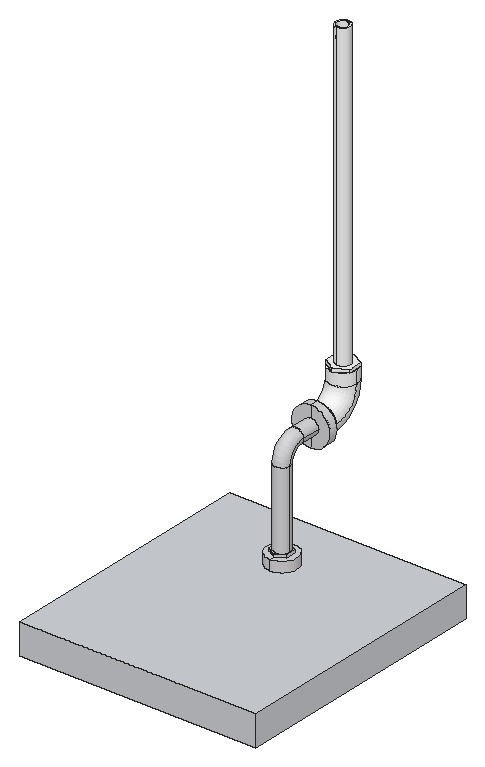
Revit family "IS-CO02-211 CONEXION SUPERIOR SANITARIO", category Aparatos sanitarios, Revit 2018
Family settings
  Anfitrión = Cara
  Cota de conector redondo = Diámetro de uso
  Tipo de pieza = Normal
  Número OmniClass = 23.31.11.00
  Corte con vacíos al cargar = No
  Compartido = No
  Punto de cálculo de habitación = No
Parameters (values of type "IS-CO02-211")
  Waste Water Outlet = ""
  PVC Blanco = PVC Blanco
  Link Ficha Tecnica = "http://infotecnica.gricol.com/FT_ISCO02211.pdf"
  Conexión de residuos = 1 = 0  # no
  Conexión de ventilación = 1 = 0  # no
  URL = "https://www.gricol.com/"
  Imagen de tipo = CONEXION SUPERIOR SANITARIO.png
  Product Name = "CONEXION SUPERIOR SANITARIO"  # constant formula
  Tuerca = 75.0 mm
  Plastico ABS Cromado = Plastico - ABS Cromado
  Model = "IS-CO02-211\r"  # constant formula
  Fabricante = "Gricol"  # constant formula
  Conexión AC = 1 = 1  # yes
  Descripción = "Conexion"  # constant formula
  Default Elevation = 0.0 mm
  Date Modified = ""
  Date Created = "05/28/2020"  # constant formula
  Copyright = "All rights reserved © Gricol - 2020."  # constant formula
  CW Connection = 1 = 1  # yes
  Assembly Code = ""
  Codo = 68.5 mm
  Base = 75.0 mm
  Ancho = 189.8 mm
  Alto = 1120.0 mm
Reference planes
  plane 1 "Center (Front/Back)": y = 0
  plane 2: z = 0
  plane 3 "Center (Left/Right)": x = 0
  plane 4: y = 121.3
  plane 5: y = 189.8
  plane 6: y = 37.5
  plane 7: y = -37.5
  plane 8: z = 1120
Forms (mm)
  Extrusion 1, solid
    sketch origin (0, 0, 0) x (1, 0, 0) y (0, 1, 0)
      loop
        line (-254.108, 155.159) -> (-254.108, -499.118) -> (333.862, -499.118) -> (333.862, 155.159) -> (-254.108, 155.159)
    from 0 to -75.905
Dimensions and locks
  "Ancho": plane 5 to plane 1 "Center (Front/Back)"
  nested 1 to nested 1 = 75.0 mm
  plane 1 "Center (Front/Back)" to plane 5 = 189.8 mm
  "Base": plane 6 to plane 7
  "Codo": plane 5 to plane 4
  "Alto": level to plane 8
  aligned and locked: plane 2 to Extrusion 1
  aligned and locked: level to Extrusion 1
Automatic sketch dimensions
  Extrusion 1 sketch curve to Extrusion 1 sketch curve = 587.97 mm
  Extrusion 1 sketch curve to Extrusion 1 sketch curve = 654.277 mm
Nested families
  nested 1: "CONEXION SUPERIOR SANITARIO" at (0, 0, 0), type "CONEXION SUPERIOR SANITARIO"
Definition of nested family "CONEXION SUPERIOR SANITARIO"
  Parameters (values of type "CONEXION SUPERIOR SANITARIO")
    Weight Net (Kg) = "6.60Kg"
    Waste Connection = no
    Vent Connection = no
    Type Comments = ""
    Tuerca Empaque = none
    Tubo de desgue = none
    Cacucho = none
    Nominal width = "370"
    Nominal height = "130"
    Model = ""
    Manufacturer = ""
    Keynote = ""
    HW Connection = no
    Cuerpo roscado = none
    Cost = 0
    Tuerca Tubo = none
    CW Connection = no
    Boton = none
  Reference planes
    plane 1 "Center (Front/Back)": y = 0
    plane 2 "med": z = 0
    plane 3 "Center (Left/Right)": x = 0
    plane 4 "12": z = 1120
    plane 5 "20": y = 189.8
    plane 6: x = -37.5
    plane 7: x = 37.5
    plane 8 "22": y = 224.05
    plane 9 "23": y = 155.55
  Forms (mm)
    Revolve 1, solid
      sketch origin (0, 417.55, -21.39) x (0, 0, -1) y (0, 1, 0)
        loop
          line (-46.122, -417.55) -> (-46.122, -455.05) -> (-21.39, -455.05) -> (-21.39, -445.05) -> (-11.39, -445.05) -> (-11.39, -440.05) -> (-38.716, -440.05) -> (-38.716, -417.55) -> (-46.122, -417.55)
        axis (-11.39, -417.55) -> (-46.122, -417.55)
      angle from 0 to 360
    Extrusion 2, solid
      sketch origin (-301.728, 1502.95, 883.687) x (-1, 0, 0) y (0, -1, 0)
        loop
          circle (-301.728, 1502.95) r 19
      from -660.2 to -851.549
    Revolve 3, solid
      sketch origin (0, -135.347, -150.437) x (0, -1, 0) y (0, 0, -1)
        loop
          line (-225, -416.108) -> (-246.001, -416.108) -> (-246.001, -463.608) -> (-225, -463.608) -> (-225, -416.108)
        axis (-246.001, -416.108) -> (-225, -416.108)
      angle from 0 to 360
    Revolve 4, solid
      sketch origin (0, -95.623, -99.88) x (0, 1, 0) y (0, 0, 1)
        loop
          line (285.402, 459.42) -> (303.244, 459.42) -> (303.244, 1219.892) -> (299.323, 1219.892) -> (299.323, 1189.892) -> (285.402, 1189.892) -> (285.402, 459.42)
        axis (285.402, 459.42) -> (285.402, 1219.892)
      angle from 0 to 360
    Extrusion 5, solid
      sketch origin (0, -287.8, 0) x (1, 0, 0) y (0, 1, 0)
        loop
          line (21.651, 275.3) -> (21.651, 300.3) -> (0, 312.8) -> (-21.651, 300.3) -> (-21.651, 275.3) -> (0, 262.8) -> (21.651, 275.3)
      from 24.732 to 32.138
    Sweep 6, solid
      path origin (0, -424.849, -22.124) x (0, 0, -1) y (0, 1, 0)
        loop
          arc (-245.61, 424.86) -> (-275.443, 437.217) -> (-287.8, 467.05) r 42.19
      profile origin (0, 12.369, 253.319) x (0, -0.707107, 0.707107) y (1, 0, 0)
        loop
          circle (0, 0) r 19
    Extrusion 7, solid
      sketch origin (-301.728, 887.732, -1377.038) x (-1, 0, 0) y (0, 0, 1)
        loop
          circle (-301.728, 1642.709) r 19
      from -798.079 to -845.531
    Sweep 8, solid
      path origin (0, -103.145, -141.93) x (0, -1, 0) y (0, 0, -1)
        loop
          line (-213.799, -407.423) -> (-228.799, -407.423)
          arc (-228.799, -407.423) -> (-274.157, -426.211) -> (-292.945, -471.57) r 64.147
          line (-292.945, -471.57) -> (-292.945, -501.57)
      profile origin (0, 189.8, 344.64) x (0, -1, 0) y (1, 0, 0)
        loop
          circle (0, 0) r 34.25
    Extrusion 9, solid
      sketch origin (0, -98, 0) x (1, 0, 0) y (0, 1, 0)
        loop
          line (30, 270.479) -> (30, 305.121) -> (0, 322.441) -> (-30, 305.121) -> (-30, 270.479) -> (0, 253.159) -> (30, 270.479)
      from 359.64 to 367.632
  Dimensions and locks
    plane 4 "12" to level = 1120.0 mm  (x2)
    plane 5 "20" to plane 1 "Center (Front/Back)" = 189.8 mm  (x2)
    locked: plane 6 to plane 7 at 75
    plane 6 to plane 3 "Center (Left/Right)" = 37.5 mm
    plane 4 "12" to plane 2 "med" = 1120.0 mm
    plane 1 "Center (Front/Back)" to plane 5 "20" = 189.8 mm
    locked: plane 8 "22" to plane 9 "23" at 68.5
    plane 8 "22" to plane 5 "20" = 34.25 mm
    aligned and locked: level to plane 2 "med"
